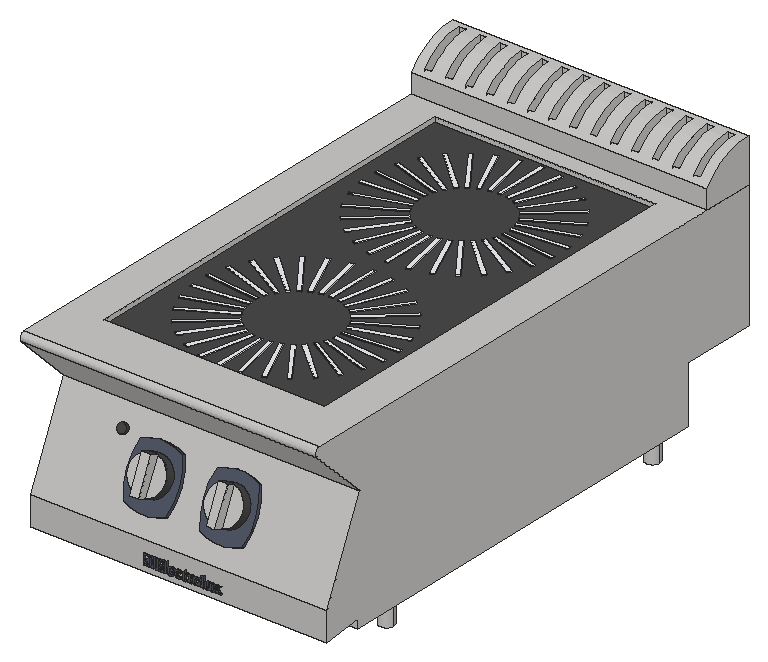
Revit family "QF_ELECTROLUXPROFESSIONAL_371133_E7IRED200N", category Specialty Equipment, Revit 2018 (continued)
Lines and regions (mm)
  symbolic lines
    curve 250: line (279.805, -410.326, 266.887) -> (275.76, -407.387, 266.887)
    curve 251: line (251.743, -393.986, 266.887) -> (221.891, -461.036, 266.887)
    curve 252: line (221.891, -461.036, 266.887) -> (226.458, -463.07, 266.887)
    curve 253: line (226.458, -463.07, 266.887) -> (256.311, -396.019, 266.887)
    curve 254: line (256.311, -396.019, 266.887) -> (251.743, -393.986, 266.887)
    curve 255: line (225.465, -385.871, 266.887) -> (210.206, -457.663, 266.887)
    curve 256: line (210.206, -457.663, 266.887) -> (215.096, -458.702, 266.887)
    curve 257: line (215.096, -458.702, 266.887) -> (230.356, -386.91, 266.887)
    curve 258: line (230.356, -386.91, 266.887) -> (225.465, -385.871, 266.887)
    curve 259: line (198.074, -383.397, 266.887) -> (198.074, -456.792, 266.887)
    curve 260: line (198.074, -456.792, 266.887) -> (203.074, -456.792, 266.887)
    curve 261: line (203.074, -456.792, 266.887) -> (203.074, -383.397, 266.887)
    curve 262: line (203.074, -383.397, 266.887) -> (198.074, -383.397, 266.887)
    curve 263: line (170.768, -386.671, 266.887) -> (186.028, -458.463, 266.887)
    curve 264: line (186.028, -458.463, 266.887) -> (190.918, -457.424, 266.887)
    curve 265: line (190.918, -457.424, 266.887) -> (175.658, -385.632, 266.887)
    curve 266: line (175.658, -385.632, 266.887) -> (170.768, -386.671, 266.887)
    curve 267: line (144.738, -395.552, 266.887) -> (174.591, -462.602, 266.887)
    curve 268: line (174.591, -462.602, 266.887) -> (179.159, -460.569, 266.887)
    curve 269: line (179.159, -460.569, 266.887) -> (149.306, -393.518, 266.887)
    curve 270: line (149.306, -393.518, 266.887) -> (144.738, -395.552, 266.887)
    curve 271: line (121.124, -409.65, 266.887) -> (164.265, -469.029, 266.887)
    curve 272: line (164.265, -469.029, 266.887) -> (168.311, -466.09, 266.887)
    curve 273: line (168.311, -466.09, 266.887) -> (125.17, -406.711, 266.887)
    curve 274: line (125.17, -406.711, 266.887) -> (121.124, -409.65, 266.887)
    curve 275: line (100.958, -428.35, 266.887) -> (155.501, -477.462, 266.887)
    curve 276: line (155.501, -477.462, 266.887) -> (158.847, -473.746, 266.887)
    curve 277: line (158.847, -473.746, 266.887) -> (104.303, -424.635, 266.887)
    curve 278: line (104.303, -424.635, 266.887) -> (100.958, -428.35, 266.887)
    curve 279: line (85.12, -450.834, 266.887) -> (148.682, -487.532, 266.887)
    curve 280: line (148.682, -487.532, 266.887) -> (151.182, -483.202, 266.887)
    curve 281: line (151.182, -483.202, 266.887) -> (87.62, -446.504, 266.887)
    curve 282: line (87.62, -446.504, 266.887) -> (85.12, -450.834, 266.887)
    curve 283: line (74.302, -476.12, 266.887) -> (144.106, -498.801, 266.887)
    curve 284: line (144.106, -498.801, 266.887) -> (145.651, -494.046, 266.887)
    curve 285: line (145.651, -494.046, 266.887) -> (75.847, -471.365, 266.887)
    curve 286: line (75.847, -471.365, 266.887) -> (74.302, -476.12, 266.887)
    curve 287: line (68.979, -503.103, 266.887) -> (141.972, -510.775, 266.887)
    curve 288: line (141.972, -510.775, 266.887) -> (142.495, -505.802, 266.887)
    curve 289: line (142.495, -505.802, 266.887) -> (69.501, -498.13, 266.887)
    curve 290: line (69.501, -498.13, 266.887) -> (68.979, -503.103, 266.887)
    curve 291: line (69.381, -530.602, 266.887) -> (142.375, -522.93, 266.887)
    curve 292: line (142.375, -522.93, 266.887) -> (141.852, -517.958, 266.887)
    curve 293: line (141.852, -517.958, 266.887) -> (68.858, -525.629, 266.887)
    curve 294: line (68.858, -525.629, 266.887) -> (69.381, -530.602, 266.887)
    curve 295: line (75.492, -557.417, 266.887) -> (145.296, -534.736, 266.887)
    curve 296: line (145.296, -534.736, 266.887) -> (143.751, -529.981, 266.887)
    curve 297: line (143.751, -529.981, 266.887) -> (73.947, -552.662, 266.887)
    curve 298: line (73.947, -552.662, 266.887) -> (75.492, -557.417, 266.887)
    curve 299: line (87.045, -582.375, 266.887) -> (150.608, -545.677, 266.887)
    curve 300: line (150.608, -545.677, 266.887) -> (148.108, -541.347, 266.887)
    curve 301: line (148.108, -541.347, 266.887) -> (84.545, -578.045, 266.887)
    curve 302: line (84.545, -578.045, 266.887) -> (87.045, -582.375, 266.887)
    curve 303: line (103.535, -604.386, 266.887) -> (158.078, -555.275, 266.887)
    curve 304: line (158.078, -555.275, 266.887) -> (154.733, -551.559, 266.887)
    curve 305: line (154.733, -551.559, 266.887) -> (100.189, -600.671, 266.887)
    curve 306: line (100.189, -600.671, 266.887) -> (103.535, -604.386, 266.887)
    curve 307: line (124.24, -622.488, 266.887) -> (167.381, -563.109, 266.887)
    curve 308: line (167.381, -563.109, 266.887) -> (163.336, -560.17, 266.887)
    curve 309: line (163.336, -560.17, 266.887) -> (120.195, -619.549, 266.887)
    curve 310: line (120.195, -619.549, 266.887) -> (124.24, -622.488, 266.887)
    curve 311: line (148.257, -635.889, 266.887) -> (178.109, -568.839, 266.887)
    curve 312: line (178.109, -568.839, 266.887) -> (173.542, -566.805, 266.887)
    curve 313: line (173.542, -566.805, 266.887) -> (143.689, -633.855, 266.887)
    curve 314: line (143.689, -633.855, 266.887) -> (148.257, -635.889, 266.887)
Dimensions and locks
  equal spacing: plane 3 "LEFT", plane 7 "Center Y", plane 4 "RIGHT"
  "Width": plane 3 "LEFT" to plane 4 "RIGHT"
  equal spacing: plane 5 "FRONT", plane 8 "Center X", plane 1 "BACK"
  "Depth": plane 5 "FRONT" to plane 1 "BACK"
  "Height": plane 6 "TOP" to level
  "Base Height": plane 9 "BASE" to level
  plane 1 "BACK" to plane 5 "FRONT" = 730 mm
  plane 10 "TOP A" to plane 9 "BASE" = 249.237 mm
  aligned and locked: level to plane 2
  aligned and locked: plane 4 "RIGHT" to Extrusion 1
  aligned and locked: plane 4 "RIGHT" to Extrusion 2
  aligned and locked: plane 9 "BASE" to Extrusion 18
  aligned and locked: plane 6 "TOP" to Extrusion 24
Automatic sketch dimensions
  Extrusion 26 sketch curve to Extrusion 26 sketch curve = 5 mm
  Extrusion 26 sketch curve to Extrusion 26 sketch curve = 73.396 mm
  Extrusion 27 sketch curve to Extrusion 27 sketch curve = 5 mm
  Extrusion 27 sketch curve to Extrusion 27 sketch curve = 73.396 mm
  Extrusion 28 sketch curve to Extrusion 28 sketch curve = 5 mm
  Extrusion 28 sketch curve to Extrusion 28 sketch curve = 73.396 mm
  Extrusion 29 sketch curve to Extrusion 29 sketch curve = 5 mm
  Extrusion 29 sketch curve to Extrusion 29 sketch curve = 73.396 mm
  Extrusion 30 sketch curve to Extrusion 30 sketch curve = 5 mm
  Extrusion 30 sketch curve to Extrusion 30 sketch curve = 73.396 mm
  Extrusion 31 sketch curve to Extrusion 31 sketch curve = 5 mm
  Extrusion 31 sketch curve to Extrusion 31 sketch curve = 73.396 mm
  Extrusion 32 sketch curve to Extrusion 32 sketch curve = 5 mm
  Extrusion 32 sketch curve to Extrusion 32 sketch curve = 73.396 mm
  Extrusion 33 sketch curve to Extrusion 33 sketch curve = 5 mm
  Extrusion 33 sketch curve to Extrusion 33 sketch curve = 73.396 mm
  Extrusion 34 sketch curve to Extrusion 34 sketch curve = 5 mm
  Extrusion 34 sketch curve to Extrusion 34 sketch curve = 73.396 mm
  Extrusion 35 sketch curve to Extrusion 35 sketch curve = 5 mm
  Extrusion 35 sketch curve to Extrusion 35 sketch curve = 73.396 mm
  Extrusion 36 sketch curve to Extrusion 36 sketch curve = 5 mm
  Extrusion 36 sketch curve to Extrusion 36 sketch curve = 73.396 mm
  Extrusion 37 sketch curve to Extrusion 37 sketch curve = 5 mm
  Extrusion 37 sketch curve to Extrusion 37 sketch curve = 73.396 mm
  Extrusion 38 sketch curve to Extrusion 38 sketch curve = 5 mm
  Extrusion 38 sketch curve to Extrusion 38 sketch curve = 73.396 mm
  Extrusion 39 sketch curve to Extrusion 39 sketch curve = 5 mm
  Extrusion 39 sketch curve to Extrusion 39 sketch curve = 73.396 mm
  Extrusion 40 sketch curve to Extrusion 40 sketch curve = 5 mm
  Extrusion 40 sketch curve to Extrusion 40 sketch curve = 73.396 mm
  Extrusion 41 sketch curve to Extrusion 41 sketch curve = 5 mm
  Extrusion 41 sketch curve to Extrusion 41 sketch curve = 73.396 mm
  Extrusion 42 sketch curve to Extrusion 42 sketch curve = 5 mm
  Extrusion 42 sketch curve to Extrusion 42 sketch curve = 73.396 mm
  Extrusion 43 sketch curve to Extrusion 43 sketch curve = 5 mm
  Extrusion 43 sketch curve to Extrusion 43 sketch curve = 73.396 mm
  Extrusion 44 sketch curve to Extrusion 44 sketch curve = 5 mm
  Extrusion 44 sketch curve to Extrusion 44 sketch curve = 73.396 mm
  Extrusion 45 sketch curve to Extrusion 45 sketch curve = 5 mm
  Extrusion 45 sketch curve to Extrusion 45 sketch curve = 73.396 mm
  Extrusion 46 sketch curve to Extrusion 46 sketch curve = 5 mm
  Extrusion 46 sketch curve to Extrusion 46 sketch curve = 73.396 mm
  Extrusion 47 sketch curve to Extrusion 47 sketch curve = 5 mm
  Extrusion 47 sketch curve to Extrusion 47 sketch curve = 73.396 mm
  Extrusion 48 sketch curve to Extrusion 48 sketch curve = 5 mm
  Extrusion 48 sketch curve to Extrusion 48 sketch curve = 73.396 mm
  Extrusion 49 sketch curve to Extrusion 49 sketch curve = 5 mm
  Extrusion 49 sketch curve to Extrusion 49 sketch curve = 73.396 mm
  Extrusion 50 sketch curve to Extrusion 50 sketch curve = 5 mm
  Extrusion 50 sketch curve to Extrusion 50 sketch curve = 73.396 mm
  Extrusion 51 sketch curve to Extrusion 51 sketch curve = 5 mm
  Extrusion 51 sketch curve to Extrusion 51 sketch curve = 73.396 mm
  Extrusion 52 sketch curve to Extrusion 52 sketch curve = 5 mm
  Extrusion 52 sketch curve to Extrusion 52 sketch curve = 73.396 mm
  Extrusion 53 sketch curve to Extrusion 53 sketch curve = 5 mm
  Extrusion 53 sketch curve to Extrusion 53 sketch curve = 73.396 mm
  Extrusion 54 sketch curve to Extrusion 54 sketch curve = 5 mm
  Extrusion 54 sketch curve to Extrusion 54 sketch curve = 73.396 mm
  Extrusion 55 sketch curve to Extrusion 55 sketch curve = 5 mm
  Extrusion 55 sketch curve to Extrusion 55 sketch curve = 73.396 mm
  Extrusion 56 sketch curve to Extrusion 56 sketch curve = 5 mm
  Extrusion 56 sketch curve to Extrusion 56 sketch curve = 73.396 mm
  Extrusion 57 sketch curve to Extrusion 57 sketch curve = 5 mm
  Extrusion 57 sketch curve to Extrusion 57 sketch curve = 73.396 mm
  Extrusion 58 sketch curve to Extrusion 58 sketch curve = 5 mm
  Extrusion 58 sketch curve to Extrusion 58 sketch curve = 73.396 mm
  Extrusion 59 sketch curve to Extrusion 59 sketch curve = 5 mm
  Extrusion 59 sketch curve to Extrusion 59 sketch curve = 73.396 mm
  Extrusion 60 sketch curve to Extrusion 60 sketch curve = 5 mm
  Extrusion 60 sketch curve to Extrusion 60 sketch curve = 73.396 mm
  Extrusion 61 sketch curve to Extrusion 61 sketch curve = 5 mm
  Extrusion 61 sketch curve to Extrusion 61 sketch curve = 73.396 mm
  Extrusion 62 sketch curve to Extrusion 62 sketch curve = 5 mm
  Extrusion 62 sketch curve to Extrusion 62 sketch curve = 73.396 mm
  Extrusion 63 sketch curve to Extrusion 63 sketch curve = 5 mm
  Extrusion 63 sketch curve to Extrusion 63 sketch curve = 73.396 mm
  Extrusion 64 sketch curve to Extrusion 64 sketch curve = 5 mm
  Extrusion 64 sketch curve to Extrusion 64 sketch curve = 73.396 mm
  Extrusion 65 sketch curve to Extrusion 65 sketch curve = 5 mm
  Extrusion 65 sketch curve to Extrusion 65 sketch curve = 73.396 mm
  Extrusion 66 sketch curve to Extrusion 66 sketch curve = 5 mm
  Extrusion 66 sketch curve to Extrusion 66 sketch curve = 73.396 mm
  Extrusion 67 sketch curve to Extrusion 67 sketch curve = 5 mm
  Extrusion 67 sketch curve to Extrusion 67 sketch curve = 73.396 mm
  Extrusion 68 sketch curve to Extrusion 68 sketch curve = 5 mm
  Extrusion 68 sketch curve to Extrusion 68 sketch curve = 73.396 mm
  Extrusion 69 sketch curve to Extrusion 69 sketch curve = 5 mm
  Extrusion 69 sketch curve to Extrusion 69 sketch curve = 73.396 mm
  Extrusion 70 sketch curve to Extrusion 70 sketch curve = 5 mm
  Extrusion 70 sketch curve to Extrusion 70 sketch curve = 73.396 mm
  Extrusion 71 sketch curve to Extrusion 71 sketch curve = 5 mm
  Extrusion 71 sketch curve to Extrusion 71 sketch curve = 73.396 mm
  Extrusion 72 sketch curve to Extrusion 72 sketch curve = 5 mm
  Extrusion 72 sketch curve to Extrusion 72 sketch curve = 73.396 mm
  Extrusion 73 sketch curve to Extrusion 73 sketch curve = 5 mm
  Extrusion 73 sketch curve to Extrusion 73 sketch curve = 73.396 mm
  Extrusion 74 sketch curve to Extrusion 74 sketch curve = 5 mm
  Extrusion 74 sketch curve to Extrusion 74 sketch curve = 73.396 mm
  Extrusion 75 sketch curve to Extrusion 75 sketch curve = 5 mm
  Extrusion 75 sketch curve to Extrusion 75 sketch curve = 73.396 mm
  Extrusion 76 sketch curve to Extrusion 76 sketch curve = 5 mm
  Extrusion 76 sketch curve to Extrusion 76 sketch curve = 73.396 mm
  Extrusion 77 sketch curve to Extrusion 77 sketch curve = 5 mm
  Extrusion 77 sketch curve to Extrusion 77 sketch curve = 73.396 mm
  Extrusion 78 sketch curve to Extrusion 78 sketch curve = 5 mm
  Extrusion 78 sketch curve to Extrusion 78 sketch curve = 73.396 mm
  Extrusion 79 sketch curve to Extrusion 79 sketch curve = 5 mm
  Extrusion 79 sketch curve to Extrusion 79 sketch curve = 73.396 mm
  Extrusion 80 sketch curve to Extrusion 80 sketch curve = 5 mm
  Extrusion 80 sketch curve to Extrusion 80 sketch curve = 73.396 mm
  Extrusion 81 sketch curve to Extrusion 81 sketch curve = 5 mm
  Extrusion 81 sketch curve to Extrusion 81 sketch curve = 73.396 mm
  Extrusion 82 sketch curve to Extrusion 82 sketch curve = 5 mm
  Extrusion 82 sketch curve to Extrusion 82 sketch curve = 73.396 mm
  Extrusion 83 sketch curve to Extrusion 83 sketch curve = 5 mm
  Extrusion 83 sketch curve to Extrusion 83 sketch curve = 73.396 mm
  Extrusion 84 sketch curve to Extrusion 84 sketch curve = 5 mm
  Extrusion 84 sketch curve to Extrusion 84 sketch curve = 73.396 mm
  Extrusion 85 sketch curve to Extrusion 85 sketch curve = 5 mm
  Extrusion 85 sketch curve to Extrusion 85 sketch curve = 73.396 mm
  Extrusion 1 sketch curve to plane 10 "TOP A" = 0 mm
  Extrusion 1 sketch curve to plane 9 "BASE" = 0 mm
  Extrusion 1 sketch curve to plane 1 "BACK" = 0 mm
  Extrusion 1 sketch curve to plane 12 = 46.038 mm
  plane 11 to Extrusion 1 sketch curve = 59.531 mm
  plane 9 "BASE" to Extrusion 1 sketch curve = 12.7 mm
  plane 11 to Extrusion 1 sketch curve = 62.516 mm
  Extrusion 1 sketch curve to plane 5 "FRONT" = 16.478 mm
  Extrusion 1 sketch curve to plane 5 "FRONT" = 4.973 mm
  Extrusion 1 sketch curve to plane 5 "FRONT" = 0.483 mm
  plane 9 "BASE" to Extrusion 1 sketch curve = 7.09 mm
  Extrusion 1 sketch curve to Extrusion 1 sketch curve = 38.1 mm
  plane 9 "BASE" to Extrusion 1 sketch curve = 77.788 mm
  Extrusion 1 sketch curve to plane 10 "TOP A" = 83.191 mm
  Extrusion 1 sketch curve to plane 10 "TOP A" = 10.84 mm
  Extrusion 2 sketch curve to plane 10 "TOP A" = 0 mm
  Extrusion 2 sketch curve to plane 1 "BACK" = 0 mm
  Extrusion 2 sketch curve to plane 6 "TOP" = 0 mm
  plane 1 "BACK" to Extrusion 2 sketch curve = 1.769 mm
  plane 10 "TOP A" to Extrusion 2 sketch curve = 25.4 mm
  plane 1 "BACK" to Extrusion 2 sketch curve = 69.85 mm
  Extrusion 3 sketch curve to plane 4 "RIGHT" = 50 mm
  plane 3 "LEFT" to Extrusion 3 sketch curve = 50 mm
  Extrusion 3 sketch curve to plane 12 = 54.376 mm
  plane 11 to Extrusion 3 sketch curve = 55.377 mm
  plane 1 "BACK" to Extrusion 4 sketch curve = 6.761 mm
  plane 3 "LEFT" to Extrusion 4 sketch curve = 22.749 mm
  Extrusion 4 sketch curve to Extrusion 4 sketch curve = 9.296 mm
  Extrusion 4 sketch curve to Extrusion 4 sketch curve = 57.15 mm
  Extrusion 5 sketch curve to plane 1 "BACK" = 6.761 mm
  plane 4 "RIGHT" to Extrusion 5 sketch curve = 22.749 mm
  Extrusion 5 sketch curve to Extrusion 5 sketch curve = 9.296 mm
  Extrusion 5 sketch curve to Extrusion 5 sketch curve = 57.15 mm
  plane 1 "BACK" to Extrusion 6 sketch curve = 6.761 mm
  plane 3 "LEFT" to Extrusion 6 sketch curve = 50.737 mm
  Extrusion 6 sketch curve to Extrusion 6 sketch curve = 9.296 mm
  Extrusion 6 sketch curve to Extrusion 6 sketch curve = 57.15 mm
  plane 1 "BACK" to Extrusion 7 sketch curve = 6.761 mm
  plane 3 "LEFT" to Extrusion 7 sketch curve = 78.725 mm
  Extrusion 7 sketch curve to Extrusion 7 sketch curve = 9.296 mm
  Extrusion 7 sketch curve to Extrusion 7 sketch curve = 57.15 mm
  plane 1 "BACK" to Extrusion 8 sketch curve = 6.761 mm
  Extrusion 8 sketch curve to plane 7 "Center Y" = 93.311 mm
  Extrusion 8 sketch curve to Extrusion 8 sketch curve = 9.296 mm
  Extrusion 8 sketch curve to Extrusion 8 sketch curve = 57.15 mm
  plane 1 "BACK" to Extrusion 9 sketch curve = 6.761 mm
  Extrusion 9 sketch curve to plane 7 "Center Y" = 65.323 mm
  Extrusion 9 sketch curve to Extrusion 9 sketch curve = 9.296 mm
  Extrusion 9 sketch curve to Extrusion 9 sketch curve = 57.15 mm
  plane 1 "BACK" to Extrusion 10 sketch curve = 6.761 mm
  Extrusion 10 sketch curve to plane 7 "Center Y" = 37.335 mm
  Extrusion 10 sketch curve to Extrusion 10 sketch curve = 9.296 mm
  Extrusion 10 sketch curve to Extrusion 10 sketch curve = 57.15 mm
  Extrusion 11 sketch curve to plane 7 "Center Y" = 9.346 mm
  Extrusion 11 sketch curve to Extrusion 11 sketch curve = 9.296 mm
  plane 1 "BACK" to Extrusion 11 sketch curve = 6.761 mm
  Extrusion 11 sketch curve to Extrusion 11 sketch curve = 57.15 mm
  plane 1 "BACK" to Extrusion 12 sketch curve = 6.761 mm
  plane 7 "Center Y" to Extrusion 12 sketch curve = 18.642 mm
  Extrusion 12 sketch curve to Extrusion 12 sketch curve = 9.296 mm
  Extrusion 12 sketch curve to Extrusion 12 sketch curve = 57.15 mm
  plane 1 "BACK" to Extrusion 13 sketch curve = 6.761 mm
  plane 7 "Center Y" to Extrusion 13 sketch curve = 46.63 mm
  Extrusion 13 sketch curve to Extrusion 13 sketch curve = 9.296 mm
  Extrusion 13 sketch curve to Extrusion 13 sketch curve = 57.15 mm
  plane 1 "BACK" to Extrusion 14 sketch curve = 6.761 mm
  plane 7 "Center Y" to Extrusion 14 sketch curve = 74.619 mm
  Extrusion 14 sketch curve to Extrusion 14 sketch curve = 9.296 mm
  Extrusion 14 sketch curve to Extrusion 14 sketch curve = 57.15 mm
  plane 1 "BACK" to Extrusion 15 sketch curve = 6.761 mm
  Extrusion 15 sketch curve to plane 4 "RIGHT" = 97.418 mm
  Extrusion 15 sketch curve to Extrusion 15 sketch curve = 9.296 mm
  Extrusion 15 sketch curve to Extrusion 15 sketch curve = 57.15 mm
  plane 1 "BACK" to Extrusion 16 sketch curve = 6.761 mm
  Extrusion 16 sketch curve to plane 4 "RIGHT" = 69.43 mm
  Extrusion 16 sketch curve to Extrusion 16 sketch curve = 9.296 mm
  Extrusion 16 sketch curve to Extrusion 16 sketch curve = 57.15 mm
  plane 1 "BACK" to Extrusion 17 sketch curve = 6.761 mm
  Extrusion 17 sketch curve to plane 4 "RIGHT" = 41.441 mm
  Extrusion 17 sketch curve to Extrusion 17 sketch curve = 9.296 mm
  Extrusion 17 sketch curve to Extrusion 17 sketch curve = 57.15 mm
  plane 11 to Extrusion 18 sketch curve = 0 mm  (x2)
  plane 12 to Extrusion 18 sketch curve = 0 mm  (x2)
  plane 3 "LEFT" to Extrusion 18 sketch curve = 11.112 mm  (x2)
  Extrusion 18 sketch curve to plane 4 "RIGHT" = 11.113 mm  (x2)
  Extrusion 19 sketch curve to Extrusion 1 = 31.333 mm  (x2)
  Extrusion 19 sketch curve to Extrusion 19 sketch curve = 12.3 mm  (x3)
  Extrusion 19 sketch curve to Extrusion 19 sketch curve = 34.925 mm  (x2)
  Extrusion 1 to Extrusion 19 sketch curve = 44.467 mm
  Extrusion 1 to Extrusion 19 sketch curve = 200.117 mm
  Extrusion 19 sketch curve to Extrusion 19 sketch curve = 25.727 mm
  Extrusion 19 sketch curve to Extrusion 19 sketch curve = 25.771 mm
  Extrusion 19 sketch curve to Extrusion 19 sketch curve = 28.531 mm
  Extrusion 21 sketch curve to Extrusion 21 sketch curve = 24.732 mm
  Extrusion 21 sketch curve to Extrusion 21 sketch curve = 0 mm
  Extrusion 1 to Extrusion 22 sketch curve = 29.678 mm
  Extrusion 1 to Extrusion 22 sketch curve = 90.648 mm
  Extrusion 1 to Extrusion 23 sketch curve = 33.906 mm
  Extrusion 1 to Extrusion 23 sketch curve = 63.5 mm
  plane 1 "BACK" to Extrusion 24 sketch curve = 0 mm
  Extrusion 24 sketch curve to plane 3 "LEFT" = 0 mm
  Extrusion 24 sketch curve to plane 4 "RIGHT" = 0 mm
  Extrusion 24 sketch curve to plane 3 "LEFT" = 150.019 mm
  plane 5 "FRONT" to Extrusion 24 sketch curve = 1.377 mm  (x2)
  plane 4 "RIGHT" to Extrusion 24 sketch curve = 150.019 mm
  Extrusion 24 sketch curve to plane 1 "BACK" = 150.019 mm
  curve 65 to plane 4 "RIGHT" = 0 mm
  curve 5 to plane 3 "LEFT" = 0 mm
  curve 63 to plane 3 "LEFT" = 0 mm
  plane 1 "BACK" to curve 5 = 0 mm
  plane 5 "FRONT" to curve 6 = 0 mm
  plane 4 "RIGHT" to curve 3 = 150.019 mm
  curve 12 to plane 4 "RIGHT" = 13.453 mm
  curve 11 to curve 14 = 9.296 mm
  curve 12 to curve 59 = 18.693 mm
  curve 59 to curve 62 = 9.296 mm
  curve 60 to curve 55 = 18.693 mm
  curve 55 to curve 56 = 9.296 mm
  plane 1 "BACK" to curve 51 = 6.761 mm
  curve 57 to curve 51 = 18.693 mm
  curve 51 to curve 52 = 9.296 mm
  curve 52 to curve 47 = 18.693 mm
  curve 47 to curve 48 = 9.296 mm
  plane 1 "BACK" to curve 43 = 6.761 mm
  curve 49 to curve 43 = 18.693 mm
  curve 43 to curve 44 = 9.296 mm
  plane 7 "Center Y" to curve 39 = 18.642 mm
  curve 39 to curve 40 = 9.296 mm
  curve 36 to plane 7 "Center Y" = 9.346 mm
  curve 35 to curve 38 = 9.296 mm
  curve 36 to curve 32 = 18.693 mm
  curve 31 to curve 32 = 9.296 mm
  plane 1 "BACK" to curve 30 = 6.761 mm
  curve 33 to curve 30 = 18.693 mm
  curve 27 to curve 28 = 9.296 mm
  plane 1 "BACK" to curve 23 = 6.761 mm
  curve 29 to curve 23 = 18.693 mm
  curve 23 to curve 24 = 9.296 mm
  curve 24 to curve 20 = 18.693 mm
  curve 19 to curve 20 = 9.296 mm
  curve 20 to curve 15 = 18.693 mm
  curve 15 to curve 16 = 9.296 mm
  curve 16 to curve 63 = 9.691 mm
  plane 1 "BACK" to curve 10 = 6.761 mm
  curve 17 to curve 10 = 18.693 mm
  curve 7 to curve 9 = 9.296 mm
  plane 5 "FRONT" to curve 1 = 1.377 mm
  curve 1 to plane 3 "LEFT" = 150.019 mm
  curve 2 to plane 1 "BACK" = 150.019 mm
  plane 1 "BACK" to curve 61 = 6.761 mm
  plane 1 "BACK" to curve 58 = 6.761 mm
  plane 1 "BACK" to curve 11 = 6.761 mm
  plane 1 "BACK" to curve 15 = 6.761 mm
  plane 1 "BACK" to curve 50 = 6.761 mm
  plane 1 "BACK" to curve 19 = 6.761 mm
  plane 1 "BACK" to curve 42 = 6.761 mm
  plane 1 "BACK" to curve 38 = 6.761 mm
  plane 1 "BACK" to curve 31 = 6.761 mm
  curve 33 to curve 33 = 57.15 mm
  curve 29 to curve 32 = 0 mm
  curve 31 to curve 35 = 0 mm
  curve 25 to curve 28 = 0 mm
  curve 35 to curve 39 = 0 mm
  curve 21 to curve 24 = 0 mm
  curve 39 to curve 43 = 0 mm
  curve 17 to curve 20 = 0 mm
  curve 43 to curve 47 = 0 mm
  curve 13 to curve 13 = 57.15 mm
  curve 47 to curve 51 = 0 mm
  curve 9 to curve 16 = 0 mm
  curve 51 to curve 55 = 0 mm
  curve 55 to curve 61 = 0 mm
  curve 8 to curve 64 = 5.939 mm
  curve 11 to curve 65 = 5.939 mm
  curve 64 to plane 12 = 26.988 mm
  plane 5 "FRONT" to curve 3 = 1.377 mm
  Extrusion 25 sketch curve to plane 7 "Center Y" = 0 mm
  plane 9 "BASE" to Extrusion 25 sketch curve = 10.651 mm
  plane 9 "BASE" to Extrusion 25 sketch curve = 15.692 mm
  plane 9 "BASE" to Extrusion 25 sketch curve = 15.711 mm
  Extrusion 25 sketch curve to Extrusion 25 sketch curve = 0 mm  (x28)
  Extrusion 25 sketch curve to Extrusion 25 sketch curve = 5.108 mm  (x2)
  Extrusion 25 sketch curve to Extrusion 25 sketch curve = 0.054 mm
  Extrusion 25 sketch curve to Extrusion 25 sketch curve = 0.218 mm
  Extrusion 25 sketch curve to Extrusion 25 sketch curve = 0.195 mm
  Extrusion 25 sketch curve to Extrusion 25 sketch curve = 0.249 mm
  plane 9 "BASE" to Extrusion 25 sketch curve = 16.008 mm
  Extrusion 25 sketch curve to Extrusion 25 sketch curve = 0.087 mm
  Extrusion 25 sketch curve to Extrusion 25 sketch curve = 0.358 mm
  Extrusion 25 sketch curve to Extrusion 25 sketch curve = 0.481 mm
  Extrusion 25 sketch curve to Extrusion 25 sketch curve = 0.597 mm
  Extrusion 25 sketch curve to Extrusion 25 sketch curve = 0.544 mm
  Extrusion 25 sketch curve to Extrusion 25 sketch curve = 0.936 mm
  Extrusion 25 sketch curve to Extrusion 25 sketch curve = 0.594 mm
  Extrusion 25 sketch curve to Extrusion 25 sketch curve = 0.343 mm
  Extrusion 25 sketch curve to Extrusion 25 sketch curve = 0.159 mm
  Extrusion 25 sketch curve to Extrusion 25 sketch curve = 0.826 mm
  Extrusion 25 sketch curve to Extrusion 25 sketch curve = 0.839 mm
  Extrusion 25 sketch curve to Extrusion 25 sketch curve = 0.852 mm
  Extrusion 25 sketch curve to Extrusion 25 sketch curve = 0.887 mm
  Extrusion 25 sketch curve to Extrusion 25 sketch curve = 0.928 mm
  Extrusion 25 sketch curve to Extrusion 25 sketch curve = 0.938 mm
  Extrusion 25 sketch curve to Extrusion 25 sketch curve = 0.444 mm
  Extrusion 25 sketch curve to Extrusion 25 sketch curve = 1.11 mm  (x3)
  Extrusion 25 sketch curve to Extrusion 25 sketch curve = 0.215 mm
  Extrusion 25 sketch curve to Extrusion 25 sketch curve = 1.43 mm
  Extrusion 25 sketch curve to Extrusion 25 sketch curve = 1.188 mm
  Extrusion 25 sketch curve to Extrusion 25 sketch curve = 1.21 mm  (x2)
  Extrusion 25 sketch curve to Extrusion 25 sketch curve = 0.503 mm
  Extrusion 25 sketch curve to Extrusion 25 sketch curve = 0.488 mm
  Extrusion 25 sketch curve to Extrusion 25 sketch curve = 0.462 mm
  Extrusion 25 sketch curve to Extrusion 25 sketch curve = 1.386 mm
  Extrusion 25 sketch curve to Extrusion 25 sketch curve = 1.742 mm  (x2)
  Extrusion 25 sketch curve to Extrusion 25 sketch curve = 0.821 mm
  Extrusion 25 sketch curve to Extrusion 25 sketch curve = 0.497 mm
  Extrusion 25 sketch curve to Extrusion 25 sketch curve = 0.539 mm
  Extrusion 25 sketch curve to Extrusion 25 sketch curve = 0.686 mm
  Extrusion 25 sketch curve to Extrusion 25 sketch curve = 0.408 mm
  Extrusion 25 sketch curve to Extrusion 25 sketch curve = 0.528 mm
  Extrusion 25 sketch curve to Extrusion 25 sketch curve = 1.16 mm
  Extrusion 25 sketch curve to Extrusion 25 sketch curve = 0.329 mm
  Extrusion 25 sketch curve to Extrusion 25 sketch curve = 1.054 mm
  Extrusion 25 sketch curve to Extrusion 25 sketch curve = 1.056 mm
  Extrusion 25 sketch curve to Extrusion 25 sketch curve = 0.129 mm
  Extrusion 25 sketch curve to Extrusion 25 sketch curve = 0.489 mm
  Extrusion 25 sketch curve to Extrusion 25 sketch curve = 0.441 mm
  Extrusion 25 sketch curve to Extrusion 25 sketch curve = 1.151 mm
  Extrusion 25 sketch curve to Extrusion 25 sketch curve = 1.141 mm  (x2)
  Extrusion 25 sketch curve to Extrusion 25 sketch curve = 0.768 mm
  Extrusion 25 sketch curve to Extrusion 25 sketch curve = 1.653 mm
  Extrusion 25 sketch curve to Extrusion 25 sketch curve = 0.499 mm
  Extrusion 25 sketch curve to Extrusion 25 sketch curve = 0.964 mm
  Extrusion 25 sketch curve to Extrusion 25 sketch curve = 0.949 mm
  Extrusion 25 sketch curve to Extrusion 25 sketch curve = 1.345 mm  (x2)
  Extrusion 25 sketch curve to Extrusion 25 sketch curve = 1.101 mm
  Extrusion 25 sketch curve to Extrusion 25 sketch curve = 0.432 mm
  Extrusion 25 sketch curve to Extrusion 25 sketch curve = 1.142 mm
  Extrusion 25 sketch curve to Extrusion 25 sketch curve = 0.959 mm
  Extrusion 25 sketch curve to Extrusion 25 sketch curve = 0.176 mm
  Extrusion 25 sketch curve to Extrusion 25 sketch curve = 0.728 mm
  Extrusion 25 sketch curve to Extrusion 25 sketch curve = 3.375 mm  (x2)
  Extrusion 25 sketch curve to Extrusion 25 sketch curve = 0.541 mm
  Extrusion 25 sketch curve to Extrusion 25 sketch curve = 0.955 mm
  Extrusion 25 sketch curve to Extrusion 25 sketch curve = 1.251 mm
  Extrusion 25 sketch curve to Extrusion 25 sketch curve = 0.572 mm
  Extrusion 25 sketch curve to Extrusion 25 sketch curve = 1.92 mm
  Extrusion 25 sketch curve to Extrusion 25 sketch curve = 1.224 mm
  Extrusion 25 sketch curve to Extrusion 25 sketch curve = 0.745 mm
  plane 7 "Center Y" to Extrusion 25 sketch curve = 0.572 mm
  Extrusion 25 sketch curve to Extrusion 25 sketch curve = 2.537 mm
  Extrusion 25 sketch curve to Extrusion 25 sketch curve = 0.896 mm  (x3)
  Extrusion 25 sketch curve to Extrusion 25 sketch curve = 0.036 mm
  Extrusion 25 sketch curve to Extrusion 25 sketch curve = 2.607 mm
  Extrusion 25 sketch curve to Extrusion 25 sketch curve = 0.066 mm
  Extrusion 25 sketch curve to Extrusion 25 sketch curve = 0.248 mm
  Extrusion 25 sketch curve to Extrusion 25 sketch curve = 0.449 mm
  Extrusion 25 sketch curve to Extrusion 25 sketch curve = 1.052 mm
  Extrusion 25 sketch curve to Extrusion 25 sketch curve = 1.863 mm
  Extrusion 25 sketch curve to Extrusion 25 sketch curve = 1.31 mm  (x2)
  Extrusion 25 sketch curve to Extrusion 25 sketch curve = 0.901 mm
  Extrusion 25 sketch curve to Extrusion 25 sketch curve = 1.107 mm
  Extrusion 25 sketch curve to Extrusion 25 sketch curve = 2.122 mm
  Extrusion 25 sketch curve to Extrusion 25 sketch curve = 2.101 mm
  Extrusion 25 sketch curve to Extrusion 25 sketch curve = 0.106 mm
  Extrusion 25 sketch curve to Extrusion 25 sketch curve = 0.029 mm
  Extrusion 25 sketch curve to Extrusion 25 sketch curve = 2.09 mm
  Extrusion 25 sketch curve to Extrusion 25 sketch curve = 1.279 mm
  Extrusion 25 sketch curve to Extrusion 25 sketch curve = 2.008 mm
  Extrusion 25 sketch curve to Extrusion 25 sketch curve = 0.738 mm
  Extrusion 25 sketch curve to Extrusion 25 sketch curve = 0.382 mm
  Extrusion 25 sketch curve to Extrusion 25 sketch curve = 0.384 mm
  Extrusion 25 sketch curve to Extrusion 25 sketch curve = 0.002 mm
  Extrusion 25 sketch curve to Extrusion 25 sketch curve = 0.561 mm
  Extrusion 25 sketch curve to Extrusion 25 sketch curve = 0.592 mm
  Extrusion 25 sketch curve to Extrusion 25 sketch curve = 2.692 mm
  Extrusion 25 sketch curve to Extrusion 25 sketch curve = 1.259 mm
  Extrusion 25 sketch curve to Extrusion 25 sketch curve = 0.802 mm
  Extrusion 25 sketch curve to Extrusion 25 sketch curve = 1.024 mm  (x2)
  Extrusion 25 sketch curve to Extrusion 25 sketch curve = 0.682 mm
  Extrusion 25 sketch curve to Extrusion 25 sketch curve = 5.934 mm
  Extrusion 25 sketch curve to Extrusion 25 sketch curve = 2.186 mm
  Extrusion 25 sketch curve to Extrusion 25 sketch curve = 0.337 mm
  Extrusion 25 sketch curve to Extrusion 25 sketch curve = 0.021 mm
  Extrusion 25 sketch curve to Extrusion 25 sketch curve = 1.005 mm
  Extrusion 25 sketch curve to Extrusion 25 sketch curve = 0.552 mm
  Extrusion 25 sketch curve to Extrusion 25 sketch curve = 0.778 mm
  Extrusion 25 sketch curve to Extrusion 25 sketch curve = 0.063 mm
  Extrusion 25 sketch curve to Extrusion 25 sketch curve = 1.023 mm
  Extrusion 25 sketch curve to Extrusion 25 sketch curve = 3.804 mm
  Extrusion 25 sketch curve to Extrusion 25 sketch curve = 0.486 mm
  Extrusion 25 sketch curve to Extrusion 25 sketch curve = 0.266 mm  (x2)
  Extrusion 25 sketch curve to Extrusion 25 sketch curve = 1.547 mm
  Extrusion 25 sketch curve to Extrusion 25 sketch curve = 0.717 mm  (x2)
  Extrusion 25 sketch curve to Extrusion 25 sketch curve = 1.667 mm
  Extrusion 25 sketch curve to Extrusion 25 sketch curve = 3.174 mm
  Extrusion 25 sketch curve to Extrusion 25 sketch curve = 0.388 mm
  Extrusion 25 sketch curve to Extrusion 25 sketch curve = 1.342 mm
  Extrusion 25 sketch curve to Extrusion 25 sketch curve = 1.521 mm
  Extrusion 25 sketch curve to Extrusion 25 sketch curve = 0.124 mm
  Extrusion 25 sketch curve to Extrusion 25 sketch curve = 0.291 mm
  plane 7 "Center Y" to Extrusion 25 sketch curve = 11.984 mm
  Extrusion 25 sketch curve to Extrusion 25 sketch curve = 1.049 mm  (x2)
  Extrusion 25 sketch curve to Extrusion 25 sketch curve = 1.7 mm
  Extrusion 25 sketch curve to Extrusion 25 sketch curve = 0.894 mm
  Extrusion 25 sketch curve to Extrusion 25 sketch curve = 0.989 mm
  Extrusion 25 sketch curve to Extrusion 25 sketch curve = 1.168 mm
  Extrusion 25 sketch curve to Extrusion 25 sketch curve = 1.594 mm
  Extrusion 25 sketch curve to Extrusion 25 sketch curve = 0.731 mm
  Extrusion 25 sketch curve to Extrusion 25 sketch curve = 1.566 mm
  Extrusion 25 sketch curve to Extrusion 25 sketch curve = 0.064 mm
  Extrusion 25 sketch curve to Extrusion 25 sketch curve = 0.556 mm  (x3)
  Extrusion 25 sketch curve to Extrusion 25 sketch curve = 0.48 mm
  Extrusion 25 sketch curve to Extrusion 25 sketch curve = 1.018 mm
  Extrusion 25 sketch curve to Extrusion 25 sketch curve = 0.787 mm
  Extrusion 25 sketch curve to Extrusion 25 sketch curve = 0.618 mm
  Extrusion 25 sketch curve to Extrusion 25 sketch curve = 1.672 mm
  Extrusion 25 sketch curve to Extrusion 25 sketch curve = 1.361 mm
  Extrusion 25 sketch curve to Extrusion 25 sketch curve = 0.822 mm
  Extrusion 25 sketch curve to Extrusion 25 sketch curve = 0.069 mm
  Extrusion 25 sketch curve to Extrusion 25 sketch curve = 1.88 mm
  Extrusion 25 sketch curve to Extrusion 25 sketch curve = 0.42 mm
  Extrusion 25 sketch curve to Extrusion 25 sketch curve = 0.062 mm
  Extrusion 25 sketch curve to Extrusion 25 sketch curve = 1.355 mm
  Extrusion 25 sketch curve to Extrusion 25 sketch curve = 2.34 mm
  Extrusion 25 sketch curve to Extrusion 25 sketch curve = 0.493 mm
  Extrusion 25 sketch curve to Extrusion 25 sketch curve = 0.136 mm
  Extrusion 25 sketch curve to Extrusion 25 sketch curve = 0.128 mm
  Extrusion 25 sketch curve to Extrusion 25 sketch curve = 3.616 mm
  Extrusion 25 sketch curve to Extrusion 25 sketch curve = 4.207 mm
  Extrusion 25 sketch curve to Extrusion 25 sketch curve = 0.183 mm
  Extrusion 25 sketch curve to Extrusion 25 sketch curve = 0.895 mm
  Extrusion 25 sketch curve to Extrusion 25 sketch curve = 1.314 mm
  Extrusion 25 sketch curve to Extrusion 25 sketch curve = 3.231 mm
  Extrusion 25 sketch curve to Extrusion 25 sketch curve = 1.299 mm
  Extrusion 25 sketch curve to Extrusion 25 sketch curve = 1.214 mm
  Extrusion 25 sketch curve to Extrusion 25 sketch curve = 1.264 mm
  Extrusion 25 sketch curve to Extrusion 25 sketch curve = 0.109 mm
  Extrusion 25 sketch curve to Extrusion 25 sketch curve = 0.357 mm
  Extrusion 25 sketch curve to Extrusion 25 sketch curve = 0.565 mm
  Extrusion 25 sketch curve to Extrusion 25 sketch curve = 2.504 mm
  Extrusion 25 sketch curve to Extrusion 25 sketch curve = 2.459 mm
  Extrusion 25 sketch curve to Extrusion 25 sketch curve = 0.32 mm
  Extrusion 25 sketch curve to Extrusion 25 sketch curve = 1.322 mm
  Extrusion 25 sketch curve to Extrusion 25 sketch curve = 1.134 mm
  Extrusion 25 sketch curve to Extrusion 25 sketch curve = 2.51 mm
  Extrusion 25 sketch curve to Extrusion 25 sketch curve = 0.187 mm
  Extrusion 25 sketch curve to Extrusion 25 sketch curve = 2.559 mm
  Extrusion 25 sketch curve to Extrusion 25 sketch curve = 1.556 mm
  Extrusion 25 sketch curve to Extrusion 25 sketch curve = 0.222 mm
  Extrusion 25 sketch curve to Extrusion 25 sketch curve = 1.383 mm
  Extrusion 25 sketch curve to Extrusion 25 sketch curve = 3.114 mm
  Extrusion 25 sketch curve to Extrusion 25 sketch curve = 3.376 mm
  Extrusion 25 sketch curve to Extrusion 25 sketch curve = 0.934 mm
  Extrusion 25 sketch curve to Extrusion 25 sketch curve = 0.191 mm
  Extrusion 25 sketch curve to Extrusion 25 sketch curve = 3.696 mm
  Extrusion 25 sketch curve to Extrusion 25 sketch curve = 2.708 mm
  Extrusion 25 sketch curve to Extrusion 25 sketch curve = 3.333 mm
  Extrusion 25 sketch curve to Extrusion 25 sketch curve = 0.332 mm
  Extrusion 25 sketch curve to Extrusion 25 sketch curve = 1.087 mm
  Extrusion 25 sketch curve to Extrusion 25 sketch curve = 2.23 mm
  Extrusion 25 sketch curve to Extrusion 25 sketch curve = 2.757 mm
  Extrusion 25 sketch curve to Extrusion 25 sketch curve = 0.987 mm
  Extrusion 25 sketch curve to Extrusion 25 sketch curve = 1.529 mm
  Extrusion 25 sketch curve to Extrusion 25 sketch curve = 1.796 mm
  Extrusion 25 sketch curve to Extrusion 25 sketch curve = 2.859 mm
  Extrusion 25 sketch curve to Extrusion 25 sketch curve = 0.853 mm
  Extrusion 25 sketch curve to Extrusion 25 sketch curve = 1.241 mm
  Extrusion 25 sketch curve to Extrusion 25 sketch curve = 2.046 mm  (x2)
  Extrusion 25 sketch curve to Extrusion 25 sketch curve = 2.422 mm
  Extrusion 25 sketch curve to Extrusion 25 sketch curve = 0.27 mm  (x2)
  Extrusion 25 sketch curve to Extrusion 25 sketch curve = 0.69 mm
  Extrusion 25 sketch curve to Extrusion 25 sketch curve = 0.781 mm  (x2)
  Extrusion 25 sketch curve to Extrusion 25 sketch curve = 3.136 mm
  Extrusion 25 sketch curve to Extrusion 25 sketch curve = 1.767 mm
  Extrusion 25 sketch curve to Extrusion 25 sketch curve = 0.138 mm
  Extrusion 25 sketch curve to Extrusion 25 sketch curve = 0.777 mm
  Extrusion 25 sketch curve to Extrusion 25 sketch curve = 1.19 mm
  Extrusion 25 sketch curve to Extrusion 25 sketch curve = 0.782 mm
  Extrusion 25 sketch curve to Extrusion 25 sketch curve = 1.268 mm
  Extrusion 25 sketch curve to Extrusion 25 sketch curve = 0.422 mm  (x2)
  Extrusion 25 sketch curve to Extrusion 25 sketch curve = 1.559 mm
  Extrusion 25 sketch curve to Extrusion 25 sketch curve = 3.927 mm
  Extrusion 25 sketch curve to Extrusion 25 sketch curve = 0.983 mm
  Extrusion 25 sketch curve to Extrusion 25 sketch curve = 0.366 mm
  Extrusion 25 sketch curve to Extrusion 25 sketch curve = 0.094 mm
  Extrusion 25 sketch curve to Extrusion 25 sketch curve = 1.584 mm
  Extrusion 25 sketch curve to Extrusion 25 sketch curve = 1.501 mm
  Extrusion 25 sketch curve to Extrusion 25 sketch curve = 1.808 mm
  Extrusion 25 sketch curve to Extrusion 25 sketch curve = 0.643 mm
  Extrusion 25 sketch curve to Extrusion 25 sketch curve = 0.916 mm
  Extrusion 25 sketch curve to Extrusion 25 sketch curve = 0.352 mm
  Extrusion 25 sketch curve to Extrusion 25 sketch curve = 0.458 mm
  Extrusion 25 sketch curve to Extrusion 25 sketch curve = 0.685 mm
  Extrusion 25 sketch curve to Extrusion 25 sketch curve = 0.905 mm
  Extrusion 25 sketch curve to Extrusion 25 sketch curve = 2.865 mm
  Extrusion 25 sketch curve to Extrusion 25 sketch curve = 0.472 mm
  Extrusion 25 sketch curve to Extrusion 25 sketch curve = 0.101 mm
  Extrusion 25 sketch curve to Extrusion 25 sketch curve = 0.54 mm
  Extrusion 25 sketch curve to Extrusion 25 sketch curve = 0.02 mm
  Extrusion 25 sketch curve to Extrusion 25 sketch curve = 0.468 mm
  Extrusion 25 sketch curve to Extrusion 25 sketch curve = 0.829 mm
  Extrusion 25 sketch curve to Extrusion 25 sketch curve = 0.582 mm
  Extrusion 25 sketch curve to Extrusion 25 sketch curve = 0.166 mm
  Extrusion 25 sketch curve to Extrusion 25 sketch curve = 0.16 mm
  Extrusion 25 sketch curve to Extrusion 25 sketch curve = 2.781 mm
  Extrusion 25 sketch curve to Extrusion 25 sketch curve = 1.118 mm
  Extrusion 25 sketch curve to Extrusion 25 sketch curve = 0.613 mm
  Extrusion 25 sketch curve to Extrusion 25 sketch curve = 0.361 mm
  Extrusion 25 sketch curve to Extrusion 25 sketch curve = 0.897 mm
  Extrusion 25 sketch curve to Extrusion 25 sketch curve = 0.167 mm
  Extrusion 25 sketch curve to Extrusion 25 sketch curve = 0.292 mm
  Extrusion 25 sketch curve to Extrusion 25 sketch curve = 0.305 mm
  Extrusion 25 sketch curve to Extrusion 25 sketch curve = 1.557 mm
  Extrusion 25 sketch curve to Extrusion 25 sketch curve = 2.499 mm
  Extrusion 25 sketch curve to Extrusion 25 sketch curve = 3.062 mm
  Extrusion 25 sketch curve to Extrusion 25 sketch curve = 2.968 mm
  Extrusion 25 sketch curve to Extrusion 25 sketch curve = 5.044 mm
  Extrusion 25 sketch curve to Extrusion 25 sketch curve = 0.629 mm  (x2)
  Extrusion 25 sketch curve to Extrusion 25 sketch curve = 1.131 mm
  Extrusion 25 sketch curve to Extrusion 25 sketch curve = 0.137 mm
  Extrusion 25 sketch curve to Extrusion 25 sketch curve = 0.027 mm
  Extrusion 25 sketch curve to Extrusion 25 sketch curve = 2.235 mm
  Extrusion 86 sketch curve to Extrusion 1 = 31.333 mm  (x2)
  Extrusion 86 sketch curve to Extrusion 86 sketch curve = 12.3 mm  (x3)
  Extrusion 86 sketch curve to Extrusion 86 sketch curve = 34.925 mm  (x2)
  Extrusion 1 to Extrusion 86 sketch curve = 44.467 mm
  Extrusion 1 to Extrusion 86 sketch curve = 96.558 mm
  Extrusion 86 sketch curve to Extrusion 86 sketch curve = 25.683 mm
  Extrusion 86 sketch curve to Extrusion 86 sketch curve = 25.727 mm
  Extrusion 86 sketch curve to Extrusion 86 sketch curve = 28.575 mm
  Extrusion 88 sketch curve to Extrusion 88 sketch curve = 24.732 mm
  Extrusion 88 sketch curve to Extrusion 88 sketch curve = 0 mm
  curve 67 to Extrusion 3 = 11.994 mm
  curve 69 to curve 69 = 11.495 mm
  curve 67 to Extrusion 3 = 263.642 mm
  curve 67 to curve 69 = 32.256 mm
  curve 72 to Extrusion 3 = 0 mm  (x3)
  curve 71 to Extrusion 3 = 0 mm
  curve 75 to curve 77 = 5 mm
  curve 76 to curve 77 = 73.396 mm
  curve 79 to curve 81 = 5 mm
  curve 80 to curve 81 = 73.396 mm
  curve 83 to curve 85 = 5 mm
  curve 84 to curve 85 = 73.396 mm
  curve 87 to curve 89 = 5 mm
  curve 88 to curve 89 = 73.396 mm
  curve 91 to curve 93 = 5 mm
  curve 92 to curve 93 = 73.396 mm
  curve 95 to curve 97 = 5 mm
  curve 96 to curve 97 = 73.396 mm
  curve 99 to curve 101 = 5 mm
  curve 100 to curve 101 = 73.396 mm
  curve 103 to curve 105 = 5 mm
  curve 104 to curve 105 = 73.396 mm
  curve 107 to curve 109 = 5 mm
  curve 108 to curve 109 = 73.396 mm
  curve 111 to curve 113 = 5 mm
  curve 112 to curve 113 = 73.396 mm
  curve 115 to curve 117 = 5 mm
  curve 116 to curve 117 = 73.396 mm
  curve 119 to curve 121 = 5 mm
  curve 120 to curve 121 = 73.396 mm
  curve 123 to curve 125 = 5 mm
  curve 124 to curve 125 = 73.396 mm
  curve 127 to curve 129 = 5 mm
  curve 128 to curve 129 = 73.396 mm
  curve 131 to curve 133 = 5 mm
  curve 132 to curve 133 = 73.396 mm
  curve 135 to curve 137 = 5 mm
  curve 136 to curve 137 = 73.396 mm
  curve 139 to curve 141 = 5 mm
  curve 140 to curve 141 = 73.396 mm
  curve 143 to curve 145 = 5 mm
  curve 144 to curve 145 = 73.396 mm
  curve 147 to curve 149 = 5 mm
  curve 148 to curve 149 = 73.396 mm
  curve 151 to curve 153 = 5 mm
  curve 152 to curve 153 = 73.396 mm
  curve 155 to curve 157 = 5 mm
  curve 156 to curve 157 = 73.396 mm
  curve 159 to curve 161 = 5 mm
  curve 160 to curve 161 = 73.396 mm
  curve 163 to curve 165 = 5 mm
  curve 164 to curve 165 = 73.396 mm
  curve 167 to curve 169 = 5 mm
  curve 168 to curve 169 = 73.396 mm
  curve 171 to curve 173 = 5 mm
  curve 172 to curve 173 = 73.396 mm
  curve 175 to curve 177 = 5 mm
  curve 176 to curve 177 = 73.396 mm
  curve 179 to curve 181 = 5 mm
  curve 180 to curve 181 = 73.396 mm
  curve 183 to curve 185 = 5 mm
  curve 184 to curve 185 = 73.396 mm
  curve 187 to curve 189 = 5 mm
  curve 188 to curve 189 = 73.396 mm
  curve 191 to curve 193 = 5 mm
  curve 192 to curve 193 = 73.396 mm
  curve 195 to curve 197 = 5 mm
  curve 196 to curve 197 = 73.396 mm
  curve 199 to curve 201 = 5 mm
  curve 200 to curve 201 = 73.396 mm
  curve 203 to curve 205 = 5 mm
  curve 204 to curve 205 = 73.396 mm
  curve 207 to curve 209 = 5 mm
  curve 208 to curve 209 = 73.396 mm
  curve 211 to curve 213 = 5 mm
  curve 212 to curve 213 = 73.396 mm
  curve 215 to curve 217 = 5 mm
  curve 216 to curve 217 = 73.396 mm
  curve 219 to curve 221 = 5 mm
  curve 220 to curve 221 = 73.396 mm
  curve 223 to curve 225 = 5 mm
  curve 224 to curve 225 = 73.396 mm
  curve 227 to curve 229 = 5 mm
  curve 228 to curve 229 = 73.396 mm
  curve 231 to curve 233 = 5 mm
  curve 232 to curve 233 = 73.396 mm
  curve 235 to curve 237 = 5 mm
  curve 236 to curve 237 = 73.396 mm
  curve 239 to curve 241 = 5 mm
  curve 240 to curve 241 = 73.396 mm
  curve 243 to curve 245 = 5 mm
  curve 244 to curve 245 = 73.396 mm
  curve 247 to curve 249 = 5 mm
  curve 248 to curve 249 = 73.396 mm
  curve 251 to curve 253 = 5 mm
  curve 252 to curve 253 = 73.396 mm
  curve 255 to curve 257 = 5 mm
  curve 256 to curve 257 = 73.396 mm
  curve 259 to curve 261 = 5 mm
  curve 260 to curve 261 = 73.396 mm
  curve 263 to curve 265 = 5 mm
  curve 264 to curve 265 = 73.396 mm
  curve 267 to curve 269 = 5 mm
  curve 268 to curve 269 = 73.396 mm
  curve 271 to curve 273 = 5 mm
  curve 272 to curve 273 = 73.396 mm
  curve 275 to curve 277 = 5 mm
  curve 276 to curve 277 = 73.396 mm
  curve 279 to curve 281 = 5 mm
  curve 280 to curve 281 = 73.396 mm
  curve 283 to curve 285 = 5 mm
  curve 284 to curve 285 = 73.396 mm
  curve 287 to curve 289 = 5 mm
  curve 288 to curve 289 = 73.396 mm
  curve 291 to curve 293 = 5 mm
  curve 292 to curve 293 = 73.396 mm
  curve 295 to curve 297 = 5 mm
  curve 296 to curve 297 = 73.396 mm
  curve 299 to curve 301 = 5 mm
  curve 300 to curve 301 = 73.396 mm
  curve 303 to curve 305 = 5 mm
  curve 304 to curve 305 = 73.396 mm
  curve 307 to curve 309 = 5 mm
  curve 308 to curve 309 = 73.396 mm
  curve 311 to curve 313 = 5 mm
  curve 312 to curve 313 = 73.396 mm
  radius of Extrusion 18 sketch curve = 9.525 mm  (x4)
  radius of Extrusion 20 sketch curve = 25.4 mm
  radius of Extrusion 21 sketch curve to Extrusion 20 = 0 mm  (x2)
  radius of Extrusion 22 sketch curve = 6.35 mm
  radius of Extrusion 23 sketch curve = 12.7 mm
  radius of Extrusion 87 sketch curve = 25.4 mm
  radius of Extrusion 88 sketch curve to Extrusion 87 = 0 mm  (x2)
Connectors
  electrical at (336.5, -88.9, 57.906), driven by "Volts", driven by "Watts"
    settings: on Extrusion 23, index 1, voltage 230 V, apparent load 4400 VA, apparent load phase1 0 VA, apparent load phase2 0 VA, apparent load phase3 0 VA, power factor 1, load classification "Other", number of poles 1, system type 30, power factor state 1, is connector primary yes, connector utility no, sub classification motor no, connector description "Electrical Connection"
